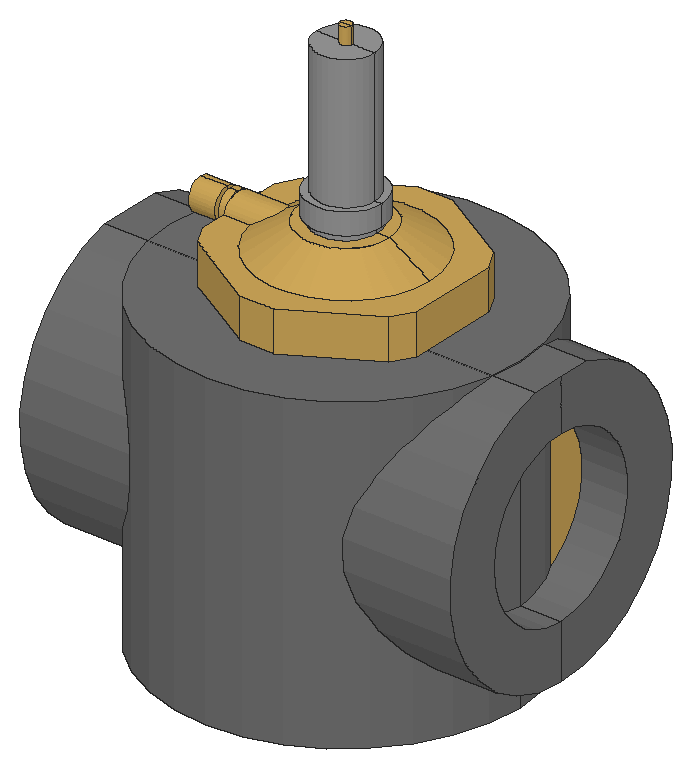
Revit family "Differenzdruckregler 4002 5-30kPa", category Rohrzubehör, Revit 2019
Family settings
  Bemaßung runder Anschluss = Durchmesser verwenden
  Teiletyp = Unterbricht
  OmniClass-Nummer = 23.65.55.14
  OmniClass-Titel = Valves for Liquid Services
  Arbeitsebenenbasiert = Nein
  Immer vertikal = Ja
  Beim Laden mit Abzugskörper schneiden = Nein
  Gemeinsam genutzt = Nein
Parameters (values of type "Mit Dämmung")
  y4 [instance] = y2 - K14  # 56.000 mm
  y3 [instance] = y2 - K14  # 56.000 mm
  y2 [instance] = K14 + K9 + H01  # 72.649 mm
  y1 [instance] = (R03 * 2) + R05  # 140.000 mm
  PN = 16  # constant formula
  Min. Betriebstemperatur (Frostschutz) = -20 °C  # constant formula
  Max. zulässige Betriebstemperatur bis DN32 = 130 °C  # constant formula
  Max. zulässige Betriebstemperatur DN40 - DN50 = 110 °C  # constant formula
  Max. Differenzdruck am Gehäuse = 400000.0 Pa  # constant formula
  Max. Betriebsdruck = 1600000.0 Pa  # constant formula
  Ventilschaft = "Edelstahl 14301"  # constant formula
  VRL01 = 30.000 mm  # constant formula
  V12 = 17.000 mm  # constant formula
  V10 = 16.000 mm  # constant formula
  V08 [instance] = G01 + 3.000 mm  # 38.000 mm
  V03 [instance] = G01 + 5.000 mm  # 40.000 mm
  V02 [instance] = V01 + 4.500 mm  # 29.500 mm
  V01 [instance] = Nennweite / 2  # 25.000 mm
  URL = "www.herz-armaturen.at"
  SCRNSEQ = "ARM;ARM_TYP=\"DIFR\";2"
  SCRNCODE = "05;03;4"  # constant formula
  S07 = 10.000 mm  # constant formula
  S05 [instance] = S01 - 1.000 mm  # 25.000 mm
  S04 [instance] = S02 - 1.000 mm  # 27.000 mm
  S03 [instance] = size_lookup("4002 5-30kPa", "S03", 26.500 mm, Nennweite)  # 37.700 mm
  S02 [instance] = size_lookup("4002 5-30kPa", "S02", 19.000 mm, Nennweite)  # 28.000 mm
  S01 [instance] = size_lookup("4002 5-30kPa", "S01", 14.850 mm, Nennweite)  # 26.000 mm
  Regleranschlussmutter = "Messing CW614N"  # constant formula
  Regelbereich = "5 - 30kPa"  # constant formula
  R06 [instance] = size_lookup("4002 5-30kPa", "R06", 14.500 mm, Nennweite)  # 14.500 mm
  R05 [instance] = size_lookup("4002 5-30kPa", "R05", 41.000 mm, Nennweite)  # 104.000 mm
  R04 [instance] = size_lookup("4002 5-30kPa", "R04", 12.500 mm, Nennweite)  # 14.500 mm
  R03 [instance] = size_lookup("4002 5-30kPa", "R03", 8.000 mm, Nennweite)  # 18.000 mm
  R02 = 14.500 mm  # constant formula
  R01 [instance] = size_lookup("4002 5-30kPa", "R01", 11.500 mm, Nennweite)  # 37.600 mm
  Min. Betriebstemperatur (reines Wasser) = 2 °C  # constant formula
  O-Ringe = "EPDM"  # constant formula
  Nennweite [instance] = 50.000 mm
  Membrangehäuse = "Messing CW602N"  # constant formula
  Membrane = "EPDM"  # constant formula
  Medium = "Wasserbeschaffenheit nach ÖNORM H 5195 und VDI 2035\r\nDie Verwendung von Ethylen- und Propylenglykol ist im\r\nMischungsverhältnis 25 - 50 Vol.-% zulässig."
  L07 [instance] = size_lookup("4002 5-30kPa", "L07", 28.500 mm, Nennweite)  # 70.000 mm
  L [instance] = size_lookup("4002 5-30kPa", "L", 66.000 mm, Nennweite)  # 140.000 mm
  K9 = 4.000 mm  # constant formula
  K8 = 55.000 mm  # constant formula
  K7 = 8.700 mm  # constant formula
  K6 = 11.700 mm  # constant formula
  K5 = 13.000 mm  # constant formula
  K4 = 12.000 mm  # constant formula
  K3 = 15.000 mm  # constant formula
  K2 = 2.350 mm  # constant formula
  K18 = 89.000 mm  # constant formula
  K17 = 66.700 mm  # constant formula
  K16 = 3.000 mm  # constant formula
  K15 = 26.649 mm  # constant formula
  K14 = 16.649 mm  # constant formula
  K13 = 16.649 mm  # constant formula
  K12 = 10.000 mm  # constant formula
  K11 = 35.000 mm  # constant formula
  K10 = 18.250 mm  # constant formula
  K1.1 = 2.350 mm  # constant formula
  K1 = 7.651 mm - 1.000 mm  # 6.651 mm
  J9 = 15.700 mm  # constant formula
  J8 = 7.850 mm  # constant formula
  J7 = 15.897 mm  # constant formula
  J6 = 3.900 mm  # constant formula
  J5 = 6.500 mm  # constant formula
  J4 = 1.500 mm  # constant formula
  J3 = 3.200 mm  # constant formula
  J2 = 11.000 mm  # constant formula
  J11 = 3.500 mm  # constant formula
  J10 = 18.897 mm  # constant formula
  J1 = 6.500 mm  # constant formula
  Hersteller = "HERZ-Armaturen Ges.m.b.H"  # constant formula
  H2 [instance] = size_lookup("4002 5-30kPa", "H2", 28.000 mm, Nennweite)  # 58.000 mm
  H1 [instance] = K1 + K2 + K3 + K4 + K5 + K7 + K8 + K16 + 16.650 mm  # 132.351 mm
  H04 = 4.000 mm  # constant formula
  H03 = 9.800 mm  # constant formula
  H02 [instance] = size_lookup("4002 5-30kPa", "H02", 53.000 mm, Nennweite)  # 107.000 mm
  H01 [instance] = size_lookup("4002 5-30kPa", "H01", 25.000 mm, Nennweite)  # 52.000 mm
  Gehäuse = "DZR Messing CC770S"  # constant formula
  G01 [instance] = size_lookup("4002 5-30kPa", "G01", 13.220 mm, Nennweite)  # 35.000 mm
  Einstellspindel = "Messing CW614N"  # constant formula
  Hinweise zum Material = "Gemäß Art 33 der REACH-Verordnung (EG Nr. 1907/2006) sind wir verpflichtet, darauf hinzuweisen,\r\ndass der Stoff Blei auf der SVHC-Liste geführt wird und dass alle aus Messing bestehenden Bauteile,\r\ndie in unseren Erzeugnissen verarbeitet sind, mehr als 0,1 % (w/w) Blei (CAS: 7439-92-1 / EINECS:\r\n231-100-4) enthalten. Da Blei als Legierungsbestandteil fest gebunden ist, sind keine Expositionen zu\r\nerwarten und daher sind keine zusätzlichen Angaben zur sicheren Verwendung notwendig.\r\n\r\nIm Hanf enthaltenes Ammoniak schädigt\r\nMessingventilgehäuse, EPDM Dichtungen werden durch\r\nMineralöle bzw. mineralölhaltige Schmierstoffe aufgequollen\r\nund führen somit zum Ausfall der EPDM-Dichtungen. Für\r\nFrost- und Korrosionsschutzmittel auf der Basis von Ethylen- und Propylenglykol sind die entsprechenden\r\nAngaben den Unterlagen des Herstellers zu entnehmen."
  Dämmung = yes
  Dämmschale = "EPP (expandiertes Polypropylen)"  # constant formula
  Druckfeder = "Federstahl 14310 NS"  # constant formula
  D07 [instance] = if(Nennweite = 15.000 mm, 32.000 mm, if(Nennweite = 20.000 mm, 33.000 mm, if(Nennweite = 25.000 mm, 33.000 mm, if(Nennweite = 32.000 mm, 49.000 mm, if(Nennweite = 40.000 mm, 57.560 mm, if(Nennweite = 50.000 mm, 57.560 mm, 0.000 mm))))))  # 57.560 mm
  D06 [instance] = if(Nennweite = 15.000 mm, 32.000 mm, if(Nennweite = 20.000 mm, 33.000 mm, if(Nennweite = 25.000 mm, 33.000 mm, if(Nennweite = 32.000 mm, 49.000 mm, if(Nennweite = 40.000 mm, 57.560 mm, if(Nennweite = 50.000 mm, 57.560 mm, 0.000 mm))))))  # 57.560 mm
  D05 [instance] = if(Nennweite = 15.000 mm, 36.750 mm, if(Nennweite = 20.000 mm, 40.700 mm, if(Nennweite = 25.000 mm, 49.200 mm, if(Nennweite = 32.000 mm, 54.150 mm, if(Nennweite = 40.000 mm, 60.750 mm, if(Nennweite = 50.000 mm, 72.700 mm, 0.000 mm))))))  # 72.700 mm
  D04 [instance] = if(Nennweite = 15.000 mm, 78.500 mm, if(Nennweite = 20.000 mm, 82.000 mm, if(Nennweite = 25.000 mm, 84.000 mm, if(Nennweite = 32.000 mm, 120.000 mm, if(Nennweite = 40.000 mm, 130.000 mm, if(Nennweite = 50.000 mm, 130.500 mm, 0.000 mm))))))  # 130.500 mm
  D03 [instance] = if(Nennweite = 15.000 mm, 96.000 mm, if(Nennweite = 20.000 mm, 110.000 mm, if(Nennweite = 25.000 mm, 112.000 mm, if(Nennweite = 32.000 mm, 152.000 mm, if(Nennweite = 40.000 mm, 170.000 mm, if(Nennweite = 50.000 mm, 179.000 mm, 0.000 mm))))))  # 179.000 mm
  D01 [instance] = size_lookup("4002 5-30kPa", "G01", 13.220 mm, Nennweite)  # 35.000 mm
  DN50 [instance] = Nennweite = 50.000 mm  # yes
  DN40 [instance] = Nennweite = 40.000 mm  # no
  DN32-40 [instance] = or(Nennweite = 32.000 mm, Nennweite = 40.000 mm)  # no
  DN32 [instance] = Nennweite = 32.000 mm  # no
  DN25 [instance] = Nennweite = 25.000 mm  # no
  DN20 [instance] = Nennweite = 20.000 mm  # no
  DN15-25 [instance] = or(Nennweite = 15.000 mm, Nennweite = 20.000 mm, Nennweite = 25.000 mm)  # no
  DN15,20,25,32,50 [instance] = or(Nennweite = 15.000 mm, Nennweite = 20.000 mm, Nennweite = 25.000 mm, Nennweite = 32.000 mm, Nennweite = 50.000 mm)  # yes
  DN15 [instance] = Nennweite = 15.000 mm  # no
  D02 [instance] = size_lookup("4002 5-30kPa", "R05", 41.000 mm, Nennweite)  # 104.000 mm
  Bestellnummer Dämmung [instance] = if(and(Dämmung, Nennweite = 15.000 mm), 1409611, if(and(Dämmung, Nennweite = 20.000 mm), 1409612, if(and(Dämmung, Nennweite = 25.000 mm), 1409613, if(and(Dämmung, Nennweite = 32.000 mm), 1409614, if(and(Dämmung, Nennweite = 40.000 mm), 1409615, if(and(Dämmung, Nennweite = 50.000 mm), 1409616, 0))))))  # 1409616
  Bestellnummer [instance] = size_lookup("4002 5-30kPa", "Artnr", 0, Nennweite)  # 1400246
  B2 [instance] = size_lookup("4002 5-30kPa", "B2", 31.000 mm, Nennweite)  # 41.000 mm
  B1 [instance] = size_lookup("4002 5-30kPa", "B1", 26.000 mm, Nennweite)  # 41.000 mm
  B04 = 100.649 mm  # constant formula
  B03 = 44.500 mm  # constant formula
  B02 = 104.688 mm  # constant formula
  B01 = 10.000 mm  # constant formula
  Anzeigehülse = "Kunststoff (Rot)"  # constant formula
  Anwendungsgebiet = "Der Differenzdruckregler ist ein Regler mit linearer Kennlinie in Geradsitzausführung und arbeitet ohne\r\nHilfsenergie. Der gewünschte Differenzdruck-Sollwert kann zwischen 5 und 30 kPa; 25 und 60 kPa bzw.\r\n45 und 80 kPa stufenlos eingestellt werden. Der eingestellte Wert ist mit Hilfe des Einstelldiagrammes\r\nablesbar. Werksseitig ist der Sollwert auf Minimum eingestellt. Der erforderliche Sollwert wird mit dem\r\nEinstellwerkzeug (1 4006 02) eingestellt. Im Lieferumfang enthalten ist die Impulsleitung (1000 mm),\r\ndiese ist im Vorlauf einzubinden."
  Anschlussnippel = "Messing CW602N"  # constant formula
Types (2, lengths in mm): name | Dämmung | Bestellnummer Dämmung
  Mit Dämmung | yes | 1409616
  Ohne Dämmung | no | 0
Reference planes
  plane 1 "Mitte (Vorne/hinten)": y = 0
  plane 2: z = 0
  plane 3 "Mitte (Links/rechts)": x = 0
Forms (mm)
  Revolve 1, solid, material "Messing, weicher Gelbton, geschweißt", detail levels fine
    sketch origin (0, 0, 0) x (1, 0, 0) y (0, 0, 1)
      loop
        line (-70, 0) -> (70, 0) -> (70, 35) -> (52, 35) -> (52, 37.6) -> (-52, 37.6) -> (-52, 35) -> (-70, 35) -> (-70, 0)
      axis (-70, 0) -> (70, 0)
    angle from 0 to 360
  Revolve 2, solid, material "Messing, weicher Gelbton, geschweißt", detail levels fine
    sketch origin (0, 0, 0) x (1, 0, 0) y (0, 0, 1)
      loop
        line (0, -58) -> (0, 0) -> (-27, 0) -> (-27, -48.2) -> (-28, -48.2) -> (-28, -58) -> (0, -58)
      axis (0, 0) -> (0, -58)
    angle from 0 to 360
  Extrusion 3, solid, material "Messing, weicher Gelbton, geschweißt", detail levels fine
    sketch origin (0, 0, 0) x (0, -1, 0) y (1, 0, 0)
      loop
        line (-46, -7.038) -> (-27.114, -39.75) -> (-18.886, -44.5) -> (18.886, -44.5) -> (27.114, -39.75) -> (46, -7.038) -> (46, 7.038) -> (27.114, 39.75) -> (18.886, 44.5) -> (-18.886, 44.5) -> (-27.114, 39.75) -> (-46, 7.038) -> (-46, -7.038)
    from 56 to 72.649
  Revolve 4, solid, material "Messing, weicher Gelbton, geschweißt", detail levels fine
    sketch origin (0, 0, -7.051) x (1, 0, 0) y (0, 0, 1)
      loop
        line (0, 79.7) -> (0, 89.7) -> (-18.25, 89.7) -> (-35, 79.7) -> (0, 79.7)
      axis (0, 89.7) -> (0, 79.7)
    angle from 0 to 360
  Revolve 5, solid, material "Messing, weicher Gelbton, geschweißt", visible <- "DN15-25", detail levels fine
    sketch origin (-11, 0, 0) x (1, 0, 0) y (0, 1, 0)
      loop
        line (-3.5, 41) -> (-11.2, 41) -> (-11.2, 0) -> (-3.5, 0) -> (-3.5, 41)
      axis (-3.5, 0) -> (-3.5, 41)
    angle from 0 to 360
  Revolve 6, solid, material "Messing, weicher Gelbton, geschweißt", visible <- "DN15,20,25,32,50", detail levels fine
    sketch origin (-0.988, 0, -6.853) x (-1, 0, 0) y (0, 0, 1)
      loop
        line (43.5, 78.75) -> (59.2, 78.75) -> (59.2, 85.25) -> (48.2, 85.25) -> (48.2, 82.65) -> (46.7, 82.65) -> (46.7, 85.25) -> (43.5, 85.25) -> (43.5, 78.75)
      axis (43.5, 78.75) -> (59.2, 78.75)
    angle from 0 to 360
  Extrusion 7, solid, material "Messing, weicher Gelbton, geschweißt", visible <- "DN15,20,25,32,50", detail levels fine
    sketch origin (0, 0, 0) x (0, 1, 0) y (0, 0, -1)
      loop
        line (7.85, -70.547) -> (7.85, -59.5) -> (-7.85, -59.5) -> (-7.85, -70.547)
        arc (-7.85, -70.547) -> (0, -78.397) -> (7.85, -70.547) r 7.85
    from 0 to 44.5
  Revolve 8, solid, material "Kunststoff rot", detail levels fine
    sketch origin (0, 0, 0) x (1, 0, 0) y (0, 0, 1)
      loop
        line (-12, 149.349) -> (-12, 94.349) -> (-15, 94.349) -> (-15, 85.649) -> (-13, 85.649) -> (-13, 82.649) -> (0, 82.649) -> (0, 149.349) -> (-12, 149.349)
      axis (0, 149.349) -> (0, 82.649)
    angle from 0 to 360
  Revolve 9, solid, material "Messing, weicher Gelbton, geschweißt", visible <- "DN15-25", detail levels fine
    sketch origin (-2, 0, 0) x (1, 0, 0) y (0, 1, 0)
      loop
        line (-12.5, 0) -> (-21.5, 0) -> (-21.5, -41) -> (-12.5, -41) -> (-12.5, 0)
      axis (-12.5, 0) -> (-12.5, -41)
    angle from 0 to 360
  Revolve 10, solid, material "Messing, weicher Gelbton, geschweißt", visible <- "DN15-25", detail levels fine
    sketch origin (2, 0, 0) x (1, 0, 0) y (0, 1, 0)
      loop
        line (12.5, 0) -> (12.5, -41) -> (21.6, -41) -> (21.6, 0) -> (12.5, 0)
      axis (12.5, 0) -> (12.5, -41)
    angle from 0 to 360
  Extrusion 11, solid, material "Messing, weicher Gelbton, geschweißt", visible <- "DN32", detail levels fine
    sketch origin (-31.5, 0, 0) x (1, 0, 0) y (0, 1, 0)
      loop
        circle (63, 0) r 6.578
      loop
        circle (63, 0) r 3.28
    from -47 to 0
  Extrusion 12, solid, material "Messing, weicher Gelbton, geschweißt", visible <- "DN32", detail levels fine
    sketch origin (31.5, 0, 0) x (-1, 0, 0) y (0, -1, 0)
      loop
        circle (63, 0) r 6.578
      loop
        circle (63, 0) r 3.28
    from -47 to 0
  Revolve 13, solid, material "Messing, weicher Gelbton, geschweißt", detail levels fine
    sketch origin (0, 0, 0) x (1, 0, 0) y (0, 0, 1)
      loop
        line (-25, 0) -> (0, 0) -> (0, 56) -> (-21, 56) -> (-21, 52) -> (-26, 52) -> (-26, 42.2) -> (-25, 42.2) -> (-25, 0)
      axis (0, 56) -> (0, 0)
    angle from 0 to 360
  Extrusion 14, solid, material "Messing, weicher Gelbton, geschweißt", visible <- "DN40", detail levels fine
    sketch origin (29.382, 0, 0) x (-1, 0, 0) y (0, -1, 0)
      loop
        circle (63, 0) r 6.578
      loop
        circle (63, 0) r 3.28
    from -58 to 0
  Extrusion 15, solid, material "Messing, weicher Gelbton, geschweißt", visible <- "DN40", detail levels fine
    sketch origin (-29.455, 0, 0) x (1, 0, 0) y (0, 1, 0)
      loop
        circle (63, 0) r 6.578
      loop
        circle (63, 0) r 3.28
    from -58 to 0
  Extrusion 16, solid, material "Messing, weicher Gelbton, geschweißt", visible <- "DN50", detail levels fine
    sketch origin (28.422, 0, 0) x (-1, 0, 0) y (0, -1, 0)
      loop
        circle (63, 0) r 6.578
      loop
        circle (63, 0) r 3.28
    from -58 to 0
  Extrusion 17, solid, material "Messing, weicher Gelbton, geschweißt", visible <- "DN50", detail levels fine
    sketch origin (-28.422, 0, 0) x (1, 0, 0) y (0, 1, 0)
      loop
        circle (63, 0) r 6.578
      loop
        circle (63, 0) r 3.28
    from -58 to 0
  Revolve 18, solid, material "Messing, weicher Gelbton, geschweißt", detail levels fine
    sketch origin (0, 0, 0) x (1, 0, 0) y (0, 0, 1)
      loop
        line (-2.35, 148.349) -> (0, 148.349) -> (0, 156) -> (-2.35, 156) -> (-2.35, 148.349)
      axis (0, 156) -> (0, 148.349)
    angle from 0 to 360
  Revolve 19, solid, material "Messing, weicher Gelbton, geschweißt", visible <- "DN32-40", detail levels fine
    sketch origin (-11, 0, 0) x (1, 0, 0) y (0, 1, 0)
      loop
        line (-3.5, -41) -> (-3.5, 0) -> (-11.2, 0) -> (-11.2, -41) -> (-3.5, -41)
      axis (-3.5, 0) -> (-3.5, -41)
    angle from 0 to 360
  Extrusion 20, solid, material "Messing, weicher Gelbton, geschweißt", visible <- "DN40", detail levels fine
    sketch origin (0, 0, 0) x (0, 1, 0) y (0, 0, 1)
      loop
        arc (7.85, 74.047) -> (0, 81.897) -> (-7.85, 74.047) r 7.85
        line (-7.85, 74.047) -> (-7.85, 63) -> (7.85, 63) -> (7.85, 74.047)
    from 0 to 44.5
  Revolve 21, solid, material "Messing, weicher Gelbton, geschweißt", visible <- "DN40", detail levels fine
    sketch origin (0.988, 0, -6.853) x (1, 0, 0) y (0, 0, 1)
      loop
        line (43.5, 82.25) -> (59.2, 82.25) -> (59.2, 88.75) -> (48.2, 88.75) -> (48.2, 86.15) -> (46.7, 86.15) -> (46.7, 88.75) -> (43.5, 88.75) -> (43.5, 82.25)
      axis (43.5, 82.25) -> (59.2, 82.25)
    angle from 0 to 360
  Revolve 22, solid, material "Messing, weicher Gelbton, geschweißt", not visible, detail levels fine
    sketch origin (16.501, 0, 0) x (-1, 0, 0) y (0, 0, 1)
      loop
        line (86.501, 0) -> (116.501, 0) -> (116.501, 25) -> (99.501, 25) -> (99.501, 29.5) -> (90.501, 29.5) -> (90.501, 40) -> (83.501, 40) -> (83.501, 38) -> (68.501, 38) -> (68.501, 35) -> (86.501, 35) -> (86.501, 0)
      axis (68.501, 0) -> (116.501, 0)
    angle from 0 to 360
  Revolve 23, solid, material "Messing, weicher Gelbton, geschweißt", not visible, detail levels fine
    sketch origin (-16.501, 0, 0) x (1, 0, 0) y (0, 0, 1)
      loop
        line (86.501, 0) -> (116.501, 0) -> (116.501, 25) -> (99.501, 25) -> (99.501, 29.5) -> (90.501, 29.5) -> (90.501, 40) -> (83.501, 40) -> (83.501, 38) -> (68.501, 38) -> (68.501, 35) -> (86.501, 35) -> (86.501, 0)
      axis (68.501, 0) -> (116.501, 0)
    angle from 0 to 360
  Revolve 24, solid, material "Kunststoff-Anthrazit/Schwarz", visible <- "Dämmung", detail levels fine
    sketch origin (0, 0, 0) x (1, 0, 0) y (0, 0, 1)
      loop
        line (89.5, 57.56) -> (-89.5, 57.56) -> (-89.5, 35) -> (-52, 35) -> (-52, 0) -> (0, 0) -> (52, 0) -> (52, 35) -> (89.5, 35) -> (89.5, 57.56)
      axis (-89.5, 0) -> (89.5, 0)
    angle from 0 to 360
  Revolve 25, solid, material "Kunststoff-Anthrazit/Schwarz", visible <- "Dämmung", detail levels fine
    sketch origin (0, 0, 0) x (1, 0, 0) y (0, 0, 1)
      loop
        line (0, 57.56) -> (0, -72.94) -> (72.7, -72.94) -> (72.7, 57.56) -> (0, 57.56)
      axis (0, -72.94) -> (0, 57.56)
    angle from 0 to 360
  Extrusion 26, void
    sketch origin (-250.451, -32.5, 0) x (1, 0, 0) y (0, 1, 0)
      loop
        line (153.352, -86.003) -> (360.451, -86.003) -> (360.451, 115.627) -> (153.352, 115.627) -> (153.352, -86.003)
    from 56 to 72.649
  Extrusion 27, void
    sketch origin (-295.468, -55, 0) x (1, 0, 0) y (0, 1, 0)
      loop
        line (159.813, -75.595) -> (420.468, -75.595) -> (420.468, 210) -> (159.813, 210) -> (159.813, -75.595)
    from 56 to 72.649
Cuts and joins
  Extrusion 26 cuts Revolve 24
  Extrusion 27 cuts Revolve 25
Lines and regions (mm)
  model lines, detail levels coarse+medium
    curve 1: line (70, -35, 0) -> (70, 35, 0)
    curve 2: line (70, 35, 0) -> (-70, -35, 0)
    curve 3: line (-70, -35, 0) -> (-70, 35, 0)
    curve 4: line (-70, 35, 0) -> (70, -35, 0)
    curve 5: line (0, -42, 0) -> (0, -56, 0)
    curve 6: spline (-44.5, -64.324, 0) -> (-42.984, -62.17, 0) -> (-38.538, -60.162, 0) -> (-31.466, -58.438, 0) -> (-22.25, -57.115, 0) -> (-11.517, -56.284, 0) -> (0, -56, 0) -> (11.517, -56.284, 0) -> (22.25, -57.115, 0) -> (31.466, -58.438, 0) -> (38.538, -60.162, 0) -> (42.984, -62.17, 0) -> (44.5, -64.325, 0) -> (42.984, -66.479, 0) -> (38.538, -68.487, 0) -> (31.466, -70.211, 0) -> (22.25, -71.534, 0) -> (11.517, -72.365, 0) -> (0, -72.649, 0) -> (-11.517, -72.365, 0) -> (-22.25, -71.534, 0) -> (-31.466, -70.211, 0) -> (-38.538, -68.487, 0) -> (-42.984, -66.479, 0) -> (-44.5, -64.324, 0)
    curve 7: line (-70, 0, 35) -> (-70, 0, -35)
    curve 8: line (-70, 0, -35) -> (70, 0, 35)
    curve 10: line (70, 0, -35) -> (-70, 0, 35)
    curve 11: line (0, 0, 35) -> (0, 0, 56)
    curve 12: spline (-44.5, 0, 64.325) -> (-42.984, 0, 66.479) -> (-38.538, 0, 68.487) -> (-31.466, 0, 70.211) -> (-22.25, 0, 71.534) -> (-11.517, 0, 72.365) -> (0, 0, 72.649) -> (11.517, 0, 72.365) -> (22.25, 0, 71.534) -> (31.466, 0, 70.211) -> (38.538, 0, 68.487) -> (42.984, 0, 66.479) -> (44.5, 0, 64.324) -> (42.984, 0, 62.17) -> (38.538, 0, 60.162) -> (31.466, 0, 58.438) -> (22.25, 0, 57.115) -> (11.517, 0, 56.284) -> (0, 0, 56) -> (-11.517, 0, 56.284) -> (-22.25, 0, 57.115) -> (-31.466, 0, 58.438) -> (-38.538, 0, 60.162) -> (-42.984, 0, 62.17) -> (-44.5, 0, 64.325)
    curve 13: line (0, 0, 35) -> (35, 0, 17.5)
    curve 14: line (0, 0, 35) -> (-35, 0, 17.5)
    curve 15: line (70, 0, 0) -> (100, 0, 0)
    curve 16: line (0, -42, 0) -> (-18.2, -9.1, 0)
    curve 17: line (0, -42, 0) -> (18.2, -9.1, 0)
    curve 22: line (70, 0, 35) -> (80, 0, 35)
    curve 23: line (80, 0, 35) -> (70, 0, 0)
    curve 24: line (70, 0, 0) -> (100, 0, 0)
    curve 25: line (70, 0, -35) -> (80, 0, -35)
    curve 26: line (80, 0, -35) -> (70, 0, 0)
    curve 27: line (-70, 35, 0) -> (-80, 35, 0)
    curve 28: line (-80, 35, 0) -> (-70, 0, 0)
    curve 29: line (-70, -35, 0) -> (-80, -35, 0)
    curve 30: line (-80, -35, 0) -> (-70, 0, 0)
    curve 31: line (70, -35, 0) -> (70, 35, 0)
    curve 32: line (70, 35, 0) -> (80, 35, 0)
    curve 33: line (80, 35, 0) -> (70, 0, 0)
    curve 34: line (70, -35, 0) -> (80, -35, 0)
    curve 35: line (80, -35, 0) -> (70, 0, 0)
  model lines, detail levels coarse
    curve 9: line (70, 0, 35) -> (70, 0, -35)
    curve 18: line (-70, 0, 35) -> (-80, 0, 35)
    curve 19: line (-80, 0, 35) -> (-70, 0, 0)
    curve 20: line (-70, 0, -35) -> (-80, 0, -35)
    curve 21: line (-80, 0, -35) -> (-70, 0, 0)
  model lines
    curve 36: line (0, 0, 0) -> (0, -37.5, 0)
    curve 37: line (0, 0, 0) -> (0, -61.5, 0)
Dimensions and locks
  "G01": Revolve 1 sketch curve to Revolve 1 sketch curve  (x2)
  "R01": Revolve 1 sketch curve to Revolve 1 sketch curve
  "R03": Revolve 1 sketch curve to Revolve 1 sketch curve  (x2)
  "K10": Revolve 4 sketch curve to Revolve 4 sketch curve
  "K11": Revolve 4 sketch curve to Revolve 4 sketch curve
  "B1": Revolve 5 sketch curve to Revolve 5 sketch curve
  "J1": Revolve 6 sketch curve to Revolve 6 sketch curve
  "J3": Revolve 6 sketch curve to Revolve 6 sketch curve
  "J4": Revolve 6 sketch curve to Revolve 6 sketch curve
  "J2": Revolve 6 sketch curve to Revolve 6 sketch curve
  "J5": Revolve 6 sketch curve to Revolve 6 sketch curve
  "J6": Revolve 6 sketch curve to Revolve 6 sketch curve
  "H2": plane 2 to Revolve 2 sketch curve
  "H03": Revolve 2 sketch curve to Revolve 2 sketch curve
  "S02": plane 3 "Mitte (Links/rechts)" to Revolve 2 sketch curve
  "B02": Revolve 6 to Extrusion 3
  "B03": Extrusion 3 to plane 3 "Mitte (Links/rechts)"
  "R04": Revolve 5 sketch curve to plane 3 "Mitte (Links/rechts)"
  "K4": Revolve 8 sketch curve to Revolve 8 sketch curve
  "K3": Revolve 8 sketch curve to Revolve 8 sketch curve
  "K7": Revolve 8 sketch curve to Revolve 8 sketch curve
  "K5": Revolve 8 sketch curve to Revolve 8 sketch curve
  "K8": Revolve 8 sketch curve to Revolve 8 sketch curve
  "K12": Revolve 4 sketch curve to Revolve 4 sketch curve
  "K13": Revolve 4 sketch curve to Extrusion 3
  "K14": Extrusion 3 to Extrusion 3
  "K16": Revolve 8 sketch curve to Revolve 8 sketch curve
  "K15": Revolve 8 to Extrusion 3
  "R05": Revolve 1 sketch curve to Revolve 1 sketch curve
  plane 3 "Mitte (Links/rechts)" to Revolve 1 sketch curve = 70.000 mm
  Revolve 1 sketch curve to plane 3 "Mitte (Links/rechts)" = 70.000 mm
  equal spacing: Revolve 1 sketch curve, plane 3 "Mitte (Links/rechts)", Revolve 1 sketch curve
  "B2": plane 1 "Mitte (Vorne/hinten)" to Revolve 9 sketch curve
  "B2": Revolve 10 sketch curve to plane 1 "Mitte (Vorne/hinten)"
  "R06": Revolve 9 sketch curve to plane 3 "Mitte (Links/rechts)"
  "R06": plane 3 "Mitte (Links/rechts)" to Revolve 10 sketch curve
  "S01": Revolve 13 sketch curve to plane 3 "Mitte (Links/rechts)"
  "S05": plane 3 "Mitte (Links/rechts)" to Revolve 13 sketch curve
  "H04": Revolve 13 sketch curve to Revolve 13 sketch curve
  "H03": Revolve 13 sketch curve to Revolve 13 sketch curve
  "H01": Revolve 13 sketch curve to plane 2
  "K9": Extrusion 3 to Revolve 13
  Revolve 2 sketch curve to Revolve 2 sketch curve = 1.000 mm
  "J7": Revolve 6 sketch curve to Extrusion 3
  "J9": Extrusion 7 sketch curve to Extrusion 7 sketch curve
  "J10": Revolve 6 to Extrusion 7 sketch curve
  "J11": Extrusion 7 sketch curve to Extrusion 3
  equal spacing: curve 7, curve 6, curve 9
  "K18": Extrusion 3 to Extrusion 3
  equal spacing: curve 7, curve 14, curve 14
  equal spacing: curve 14, curve 13, curve 9
  "G01": curve 10 to plane 2
  "G01": plane 2 to curve 8
  "G01": curve 9 to plane 2
  "G01": plane 2 to curve 10
  "K18": curve 12 to curve 12
  "y1": curve 7 to curve 9
  "G01": curve 14 to plane 2
  "K14": curve 12 to curve 12
  "y2": curve 12 to plane 2
  "G01": plane 1 "Mitte (Vorne/hinten)" to curve 4
  "G01": curve 3 to plane 1 "Mitte (Vorne/hinten)"
  equal spacing: curve 3, curve 12, curve 1
  equal spacing: curve 3, curve 17, curve 1
  "y1": curve 3 to curve 1
  "G01": plane 1 "Mitte (Vorne/hinten)" to curve 2
  "G01": curve 4 to plane 1 "Mitte (Vorne/hinten)"
  "K18": curve 6 to curve 6
  "K14": curve 6 to curve 6
  "y2": curve 6 to plane 1 "Mitte (Vorne/hinten)"
  "K1": Revolve 18 sketch curve to Revolve 8
  "K1.1": plane 3 "Mitte (Links/rechts)" to Revolve 18 sketch curve
  "B1": Revolve 19 sketch curve to Revolve 19 sketch curve
  "R04": Revolve 19 sketch curve to plane 3 "Mitte (Links/rechts)"
  Revolve 18 to Revolve 2 = 214.000 mm
  "J9": Extrusion 20 sketch curve to Extrusion 20 sketch curve
  "J1": Revolve 21 sketch curve to Revolve 21 sketch curve
  "J3": Revolve 21 sketch curve to Revolve 21 sketch curve
  "J4": Revolve 21 sketch curve to Revolve 21 sketch curve
  "J2": Revolve 21 sketch curve to Revolve 21 sketch curve
  "J5": Revolve 21 sketch curve to Revolve 21 sketch curve
  "J6": Revolve 21 sketch curve to Revolve 21 sketch curve
  "R03": Revolve 22 sketch curve to Revolve 22 sketch curve
  "V12": Revolve 22 sketch curve to Revolve 22 sketch curve
  "VRL01": Revolve 22 sketch curve to Revolve 22 sketch curve
  "V10": Revolve 22 sketch curve to Revolve 22 sketch curve
  "V01": Revolve 22 sketch curve to plane 2
  "V02": Revolve 22 sketch curve to plane 2
  "G01": Revolve 22 sketch curve to plane 2
  "V08": Revolve 22 sketch curve to plane 2
  "V03": Revolve 22 sketch curve to plane 2
  "L07": Revolve 22 to plane 3 "Mitte (Links/rechts)"
  "R03": Revolve 23 sketch curve to Revolve 23 sketch curve
  "V12": Revolve 23 sketch curve to Revolve 23 sketch curve
  "VRL01": Revolve 23 sketch curve to Revolve 23 sketch curve
  "V10": Revolve 23 sketch curve to Revolve 23 sketch curve
  "V01": Revolve 23 sketch curve to plane 2
  "V02": Revolve 23 sketch curve to plane 2
  "G01": Revolve 23 sketch curve to plane 2
  "V08": Revolve 23 sketch curve to plane 2
  "V03": Revolve 23 sketch curve to plane 2
  "L07": plane 3 "Mitte (Links/rechts)" to Revolve 23
  "S07": curve 21 to Revolve 1
  "S07": curve 19 to Revolve 22
  "S07": Revolve 23 to curve 23
  "S07": Revolve 23 to curve 26
  "S07": curve 28 to curve 3
  "S07": curve 30 to curve 3
  "S07": curve 31 to curve 33
  "S07": curve 31 to curve 35
  equal spacing: Revolve 24 sketch curve, plane 3 "Mitte (Links/rechts)", Revolve 24 sketch curve  (x2)
  "D01": Revolve 24 sketch curve to plane 2  (x2)
  "D02": Revolve 24 sketch curve to Revolve 24 sketch curve
  "D03": Revolve 24 sketch curve to Revolve 24 sketch curve
  "D04": Revolve 25 sketch curve to Revolve 25 sketch curve
  "D05": Revolve 25 sketch curve to plane 3 "Mitte (Links/rechts)"
  "D06": Revolve 25 sketch curve to plane 2
  plane 2 to Revolve 25 sketch curve = 72.940 mm
  "K9": Extrusion 26 to Revolve 13
  "K14": Extrusion 26 to Extrusion 26
  "K14": Extrusion 27 to Extrusion 27
  "K9": Extrusion 27 to Revolve 13
  "D07": Revolve 24 sketch curve to plane 2
  "J8": radius of Extrusion 7 sketch curve
  "J8": radius of Extrusion 20 sketch curve
  aligned and locked: level to plane 2
Automatic sketch dimensions
  plane 3 "Mitte (Links/rechts)" to Extrusion 3 sketch curve = 7.038 mm  (x2)
  Extrusion 3 sketch curve to plane 1 "Mitte (Vorne/hinten)" = 46.000 mm
  Extrusion 3 sketch curve to plane 1 "Mitte (Vorne/hinten)" = 27.114 mm  (x2)
  Extrusion 3 sketch curve to Extrusion 3 sketch curve = 8.227 mm  (x4)
  plane 1 "Mitte (Vorne/hinten)" to Extrusion 3 sketch curve = 18.886 mm  (x2)
  Extrusion 3 sketch curve to Extrusion 3 sketch curve = 18.886 mm
  Extrusion 3 sketch curve to plane 3 "Mitte (Links/rechts)" = 7.038 mm  (x2)
  Extrusion 3 sketch curve to Extrusion 3 sketch curve = 32.712 mm  (x4)
  Extrusion 3 sketch curve to Extrusion 3 sketch curve = 4.750 mm  (x2)
  Extrusion 11 sketch curve to Extrusion 11 sketch curve = 0.000 mm  (x2)
  plane 1 "Mitte (Vorne/hinten)" to Extrusion 11 sketch curve = 0.000 mm
  plane 3 "Mitte (Links/rechts)" to Extrusion 11 sketch curve = 31.500 mm
  Extrusion 12 sketch curve to Extrusion 12 sketch curve = 0.000 mm  (x2)
  plane 1 "Mitte (Vorne/hinten)" to Extrusion 12 sketch curve = 0.000 mm
  plane 3 "Mitte (Links/rechts)" to Extrusion 12 sketch curve = 31.500 mm
  Extrusion 14 sketch curve to Extrusion 14 sketch curve = 0.000 mm  (x2)
  plane 1 "Mitte (Vorne/hinten)" to Extrusion 14 sketch curve = 0.000 mm
  plane 3 "Mitte (Links/rechts)" to Extrusion 14 sketch curve = 33.618 mm
  Extrusion 15 sketch curve to Extrusion 15 sketch curve = 0.000 mm  (x2)
  plane 1 "Mitte (Vorne/hinten)" to Extrusion 15 sketch curve = 0.000 mm
  plane 3 "Mitte (Links/rechts)" to Extrusion 15 sketch curve = 33.545 mm
  Extrusion 16 sketch curve to Extrusion 16 sketch curve = 0.000 mm  (x2)
  plane 1 "Mitte (Vorne/hinten)" to Extrusion 16 sketch curve = 0.000 mm
  plane 3 "Mitte (Links/rechts)" to Extrusion 16 sketch curve = 34.578 mm
  Extrusion 17 sketch curve to Extrusion 17 sketch curve = 0.000 mm  (x2)
  plane 1 "Mitte (Vorne/hinten)" to Extrusion 17 sketch curve = 0.000 mm
  plane 3 "Mitte (Links/rechts)" to Extrusion 17 sketch curve = 34.578 mm
  curve 37 to plane 1 "Mitte (Vorne/hinten)" = 0.000 mm
  curve 36 to curve 36 = 37.500 mm
  curve 37 to curve 36 = 24.000 mm
  curve 36 to level = 0.000 mm
  plane 1 "Mitte (Vorne/hinten)" to Extrusion 26 sketch curve = 118.503 mm
  Extrusion 26 sketch curve to plane 1 "Mitte (Vorne/hinten)" = 83.127 mm
  Extrusion 26 sketch curve to plane 3 "Mitte (Links/rechts)" = 97.099 mm
  Extrusion 26 sketch curve to Extrusion 26 sketch curve = 207.099 mm
  plane 1 "Mitte (Vorne/hinten)" to Extrusion 27 sketch curve = 130.595 mm
  Extrusion 27 sketch curve to plane 1 "Mitte (Vorne/hinten)" = 155.000 mm
  Extrusion 27 sketch curve to plane 3 "Mitte (Links/rechts)" = 135.656 mm
  Extrusion 27 sketch curve to Extrusion 27 sketch curve = 260.656 mm
  curve 14 to plane 3 "Mitte (Links/rechts)" = 0.000 mm
  curve 12 to plane 3 "Mitte (Links/rechts)" = 0.000 mm
  curve 15 to level = 0.000 mm
  curve 24 to level = 0.000 mm
  curve 21 to level = 0.000 mm
  curve 19 to level = 0.000 mm
  curve 15 to curve 15 = 30.000 mm
  curve 24 to curve 15 = 0.000 mm
  plane 1 "Mitte (Vorne/hinten)" to curve 28 = 0.000 mm
  curve 17 to plane 3 "Mitte (Links/rechts)" = 0.000 mm
  curve 6 to plane 3 "Mitte (Links/rechts)" = 0.000 mm
  plane 1 "Mitte (Vorne/hinten)" to curve 33 = 0.000 mm
  curve 5 to curve 16 = 14.000 mm
  plane 1 "Mitte (Vorne/hinten)" to curve 16 = 9.100 mm
  plane 1 "Mitte (Vorne/hinten)" to curve 17 = 9.100 mm
  Revolve 1 sketch curve to level = 0.000 mm  (x2)
  Revolve 1 sketch curve to Revolve 1 sketch curve = 1473.530 mm
  Revolve 1 sketch curve to Revolve 1 sketch curve = 1806.148 mm
  Revolve 2 sketch curve to level = 0.000 mm
  Revolve 2 sketch curve to plane 3 "Mitte (Links/rechts)" = 0.000 mm  (x2)
  Revolve 2 sketch curve to Revolve 2 sketch curve = 1.000 mm
  Revolve 2 sketch curve to Revolve 2 sketch curve = 334.045 mm
  level to Revolve 2 sketch curve = 2218.015 mm
  Revolve 4 sketch curve to plane 3 "Mitte (Links/rechts)" = 0.000 mm  (x2)
  Revolve 4 sketch curve to level = 373.096 mm
  Revolve 4 sketch curve to Revolve 4 sketch curve = 2155.315 mm
  plane 1 "Mitte (Vorne/hinten)" to Revolve 5 sketch curve = 0.000 mm  (x2)
  Revolve 5 sketch curve to Revolve 5 sketch curve = 0.000 mm  (x2)
  Revolve 5 sketch curve to Revolve 5 sketch curve = 7.700 mm
  plane 3 "Mitte (Links/rechts)" to Revolve 6 sketch curve = 44.488 mm
  Revolve 6 sketch curve to Revolve 6 sketch curve = 0.000 mm  (x3)
  Extrusion 7 sketch curve to plane 1 "Mitte (Vorne/hinten)" = 0.000 mm
  Extrusion 7 sketch curve to Extrusion 7 sketch curve = 11.047 mm
  Extrusion 7 sketch curve to Extrusion 7 sketch curve = 0.000 mm
  Revolve 8 sketch curve to plane 3 "Mitte (Links/rechts)" = 0.000 mm  (x2)
  level to Revolve 8 sketch curve = 82.649 mm
  Revolve 8 sketch curve to Revolve 8 sketch curve = 0.000 mm  (x2)
  plane 1 "Mitte (Vorne/hinten)" to Revolve 9 sketch curve = 0.000 mm  (x2)
  Revolve 9 sketch curve to Revolve 9 sketch curve = 9.000 mm
  Revolve 9 sketch curve to Revolve 9 sketch curve = 0.000 mm  (x2)
  plane 1 "Mitte (Vorne/hinten)" to Revolve 10 sketch curve = 0.000 mm  (x2)
  Revolve 10 sketch curve to Revolve 10 sketch curve = 9.100 mm
  Revolve 10 sketch curve to Revolve 10 sketch curve = 0.000 mm  (x2)
  Revolve 13 sketch curve to level = 0.000 mm  (x2)
  Revolve 13 sketch curve to plane 3 "Mitte (Links/rechts)" = 0.000 mm  (x2)
  Revolve 13 sketch curve to Revolve 13 sketch curve = 5.000 mm
  Revolve 13 sketch curve to Revolve 13 sketch curve = 0.000 mm
  Revolve 18 sketch curve to plane 3 "Mitte (Links/rechts)" = 0.000 mm  (x2)
  Revolve 18 sketch curve to Revolve 18 sketch curve = 7.651 mm
  Revolve 18 sketch curve to Revolve 18 sketch curve = 0.000 mm  (x2)
  plane 1 "Mitte (Vorne/hinten)" to Revolve 19 sketch curve = 0.000 mm  (x2)
  Revolve 19 sketch curve to Revolve 19 sketch curve = 7.700 mm
  Revolve 19 sketch curve to Revolve 19 sketch curve = 0.000 mm  (x2)
  Extrusion 20 sketch curve to plane 1 "Mitte (Vorne/hinten)" = 0.000 mm
  level to Extrusion 20 sketch curve = 63.000 mm
  Extrusion 20 sketch curve to Extrusion 20 sketch curve = 11.047 mm
  Extrusion 20 sketch curve to Extrusion 20 sketch curve = 0.000 mm
  plane 3 "Mitte (Links/rechts)" to Revolve 21 sketch curve = 44.488 mm
  level to Revolve 21 sketch curve = 75.397 mm
  Revolve 21 sketch curve to Revolve 21 sketch curve = 0.000 mm  (x3)
  Revolve 22 sketch curve to level = 0.000 mm  (x2)
  plane 3 "Mitte (Links/rechts)" to Revolve 22 sketch curve = 52.000 mm
  Revolve 22 sketch curve to Revolve 22 sketch curve = 4.000 mm
  Revolve 22 sketch curve to Revolve 22 sketch curve = 0.000 mm  (x2)
  Revolve 23 sketch curve to level = 0.000 mm  (x2)
  plane 3 "Mitte (Links/rechts)" to Revolve 23 sketch curve = 52.000 mm
  Revolve 23 sketch curve to Revolve 23 sketch curve = 4.000 mm
  Revolve 23 sketch curve to Revolve 23 sketch curve = 0.000 mm  (x2)
  Revolve 24 sketch curve to level = 0.000 mm  (x2)
  Revolve 24 sketch curve to plane 3 "Mitte (Links/rechts)" = 0.000 mm
  Revolve 24 sketch curve to Revolve 24 sketch curve = 0.000 mm  (x2)
  Revolve 25 sketch curve to plane 3 "Mitte (Links/rechts)" = 0.000 mm  (x2)
  Revolve 25 sketch curve to Revolve 25 sketch curve = 0.000 mm  (x2)
  radius of Extrusion 11 sketch curve = 6.578 mm
  radius of Extrusion 11 sketch curve = 3.280 mm
  radius of Extrusion 12 sketch curve = 6.578 mm
  radius of Extrusion 12 sketch curve = 3.280 mm
  radius of Extrusion 14 sketch curve = 6.578 mm
  radius of Extrusion 14 sketch curve = 3.280 mm
  radius of Extrusion 15 sketch curve = 6.578 mm
  radius of Extrusion 15 sketch curve = 3.280 mm
  radius of Extrusion 16 sketch curve = 6.578 mm
  radius of Extrusion 16 sketch curve = 3.280 mm
  radius of Extrusion 17 sketch curve = 6.578 mm
  radius of Extrusion 17 sketch curve = 3.280 mm
Nested families
  nested 1: "Herz-Logo-vorne" at (-0.018, 17.815, -12.904) x (0, -1, 0) z (0, 0, 1), type "Herz-Logo-vorne", detail levels fine
  nested 2: "Herz-Logo-vorne" at (-0.018, 29.612, 0) x (0, -1, 0) z (0, 0, 1), visible <- "DN32", type "Herz-Logo-vorne", detail levels fine
  nested 3: "Herz-Logo-vorne" at (-0.018, 38.665, 0) x (0, -1, 0) z (0, 0, 1), visible <- "DN40", type "Herz-Logo-vorne", detail levels fine
  nested 4: "Herz-Logo-vorne" at (-0.018, 36.048, 0) x (0, -1, 0) z (0, 0, 1), visible <- "DN50", type "Herz-Logo-vorne", detail levels fine
  nested 5: "Herz-Logo-vorne" at (-0.018, 38.665, 0) x (0, -1, 0) z (0, 0, 1), visible <- "DN50", type "Herz-Logo-vorne", detail levels fine
Connectors
  piping at (-70, 0, 0), diameter 50, driven by "Nennweite"
    settings: on Revolve 1, index 1, connector inside diameter 609.6 mm, connector length 0.000 mm, flow factor 0, pipe flow 0.0 L/s, pressure drop 0.0 Pa, fitting loss kfactor 0, connector angle 0.00°, fixture units 0, engagement length 0.000 mm, angle of deflection 0.00°, flow configuration 0, flow direction 1, fitting loss method 0, system type 7, joint type 0, gender type 0, connector reference index -1, connector utility 0, adjustable connector no, is connector primary yes, connector description ""
  piping at (70, 0, 0), diameter 50, driven by "Nennweite"
    settings: on Revolve 1, index 2, connector inside diameter 609.6 mm, connector length 0.000 mm, flow factor 0, pipe flow 0.0 L/s, pressure drop 0.0 Pa, fitting loss kfactor 0, connector angle 0.00°, fixture units 0, engagement length 0.000 mm, angle of deflection 0.00°, flow configuration 0, flow direction 2, fitting loss method 0, system type 29, joint type 0, gender type 0, connector reference index -1, connector utility 0, adjustable connector no, is connector primary no, connector description ""
Definition of nested family "Herz-Logo-vorne"
  Reference planes
    plane 1 "Mitte (Vorne/hinten)": y = 0
    plane 2: z = 0
    plane 3 "Mitte (Links/rechts)": x = 0
  Forms (mm)
    Extrusion 1, solid
      sketch origin (0.732, -0.018, 0.017) x (0, -1, 0) y (0, 0, 1)
        loop
          line (-0.018, -4.517) -> (4.482, -4.517) -> (4.482, 4.483) -> (-4.518, 4.483) -> (-4.518, -4.517) -> (-0.018, -4.517)
        loop
          line (-0.05, -3.48) -> (3.482, -3.48) -> (3.482, 3.483) -> (-3.518, 3.483) -> (-3.518, -3.48) -> (-0.05, -3.48)
        loop
          arc (-0.018, 2.383) -> (-1.543, 3.287) -> (-3.067, 2.383) r 1.738
          arc (-3.067, 2.383) -> (-3.191, 1.899) -> (-3.067, 1.415) r 1.009
          line (-3.067, 1.415) -> (-0.018, -3.281) -> (3.032, 1.415)
          arc (3.032, 1.415) -> (3.156, 1.899) -> (3.032, 2.383) r 1.009
          arc (3.032, 2.383) -> (1.507, 3.287) -> (-0.018, 2.383) r 1.738
        loop
          arc (1.885, 1.272) -> (2.005, 1.675) -> (1.885, 2.079) r 0.74
          arc (1.885, 2.079) -> (1.265, 2.416) -> (0.644, 2.079) r 0.74
          line (0.644, 2.079) -> (-0.018, 0.97) -> (-0.679, 2.079)
          arc (-0.679, 2.079) -> (-1.3, 2.416) -> (-1.921, 2.079) r 0.74
          arc (-1.921, 2.079) -> (-2.04, 1.675) -> (-1.921, 1.272) r 0.74
          line (-1.921, 1.272) -> (-0.018, -1.658) -> (1.885, 1.272)
      from 0 to 1.5
  Dimensions and locks
    aligned and locked: level to plane 2
